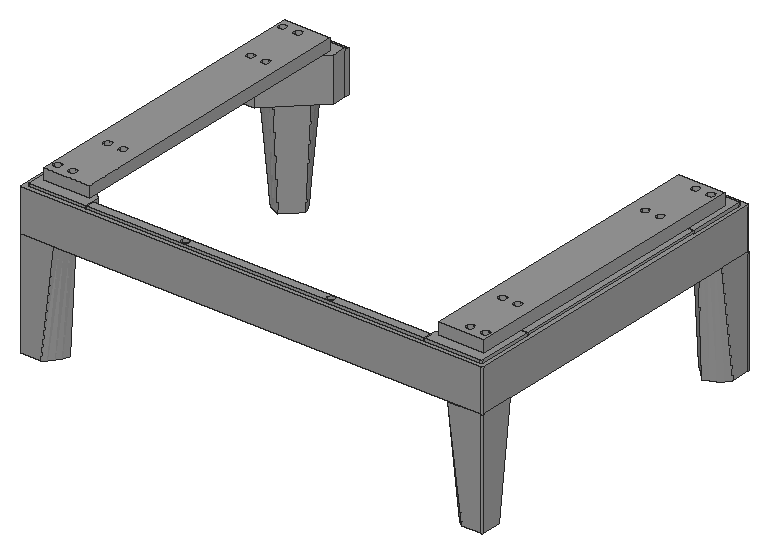
Revit family "Furniture-Vanity_Legs-KOHLER-SEER-K-32813_1", category Specialty Equipment, host Face, Revit 2017
Family settings
  Host = Face
  Round Connector Dimension = Use Diameter
  Part Type = Normal
  OmniClass Number = 23.31.25.00
  OmniClass Title = Toilet and Bath Specialties
  Cut with Voids When Loaded = No
  Shared = No
  Room Calculation Point = No
Parameters (values of type "1WD-Ramie Walnut")
  Width = 24 1/64"  # constant formula
  WaterSense Certified = 1 = 0  # no
  URL = "https://www.us.kohler.com/us/"
  Type = 1
  Product Page URL = ""
  Product Name = "SEER"  # constant formula
  Product Documentation Link = ""
  Model = "K-32813-SH1-1WD"  # constant formula
  Material = "Solid Wood"  # constant formula
  Master Format 2014 Name = "Toilet, Bath, and Laundry Accessories"  # constant formula
  Master Format 2014 = "10 28 00"  # constant formula
  Manufacturer Address = "444 Highland Dr, Kohler, WI 53044"  # constant formula
  Manufacturer = "KOHLER Co."  # constant formula
  Length = 17 5/16"  # constant formula
  Height = 8 139/256"  # constant formula
  Finish = Kohler-Wood-1WD-Ramie_Walnut
  Environmental Product Declaration = ""
  Description = "LEGS 24 INCHES"  # constant formula
  Default Elevation = 0"
  Declare Label = ""
  Date Modified = "02/15/2021"  # constant formula
  Date Created = "02/15/2021"  # constant formula
  Copyright = "Copyright KOHLER Co."  # constant formula
  Contact Us = "https://www.us.kohler.com/us/static/contact.jsp"
  Assembly Code = "C1030200"
  ADA Compliant = 1 = 0  # no
Reference planes (in)
  plane 1 "Center (Front/Back)": y = 0
  plane 2: z = 0
  plane 3 "Center (Left/Right)": x = 0
  plane 4: x = -8.75985
  plane 5: x = -12.00788
  plane 6: y = 8.64173
  plane 7: y = 5.3937
  plane 8: x = 12.00774
  plane 9: x = 8.75985
  plane 10: y = -7.79528
  plane 11: y = -5.3937
  plane 12: y = 7.79528
  plane 13: z = 8.54297
  plane 14: y = -8.67077
  plane 15: z = 0.118
  plane 16: x = 11.41698
  plane 17: x = -11.41698
  plane 18: z = 7.95265
Dimensions and locks (in)
  "Height": plane 13 to level
  "Width": plane 8 to plane 5
  "Length": plane 14 to plane 6
  plane 16 to plane 8 = 0.59077"
  plane 15 to level = 0.118"
  plane 18 to plane 15 = 7.83465"
  plane 9 to plane 4 = 17.5197"
  plane 4 to plane 5 = 3.24803"
  plane 9 to plane 8 = 3.24789"
  plane 6 to plane 12 = 0.84646"
  aligned and locked: plane 2 to host face
  aligned and locked: level to host face
Automatic sketch dimensions
  host sketch curve to host sketch curve = 96"  (x2)
Nested families (in)
  nested 1: "K-32813" at (0, 0, 0), type "K-32813"
Definition of nested family "K-32813"
  Parameters (values of type "K-32813")
    Material = none
  Reference planes (in)
    plane 1 "Center (Front/Back)": y = 0
    plane 2: z = 0
    plane 3 "Center (Left/Right)": x = 0
    plane 4: y = 8.64173
    plane 5: z = 8.54354
    plane 6: y = -8.64173
    plane 7: y = 7.79528
    plane 8: y = -7.79528
    plane 9: y = 5.3937
    plane 10: y = -5.3937
    plane 11: x = -12.00788
    plane 12: x = 12.00788
    plane 13: x = -8.75985
    plane 14: x = 8.75985
    plane 15: z = 7.95265
    plane 16: z = 0.118
  Forms (in)
    Blend 1, solid, material <- "Material", detail levels medium+fine
      base sketch origin (0, 0, 0) x (1, 0, 0) y (0, 1, 0)
        loop
          arc (-11.01711, -6.84352) -> (-11.57572, -7.11549) -> (-12.00788, -7.56185) r 1.79199
          line (-12.00788, -7.56185) -> (-12.00788, -8.56463)
          arc (-12.00788, -8.56463) -> (-11.9853, -8.61915) -> (-11.93078, -8.64173) r 0.0771
          line (-11.93078, -8.64173) -> (-10.93003, -8.64173)
          arc (-10.93003, -8.64173) -> (-10.48817, -8.20648) -> (-10.21076, -7.65174) r 1.89244
          line (-10.21076, -7.65174) -> (-11.01711, -6.84352)
      top sketch origin (0, 0, 0) x (1, 0, 0) y (0, 1, 0)
        loop
          arc (-10.22916, -8.64173) -> (-10.02324, -8.15922) -> (-9.88844, -7.65222) r 3.6593
          line (-9.88844, -7.65222) -> (-11.01671, -6.52395)
          arc (-11.01671, -6.52395) -> (-11.52464, -6.66289) -> (-12.00788, -6.87213) r 3.72185
          line (-12.00788, -6.87213) -> (-12.00788, -8.56463)
          arc (-12.00788, -8.56463) -> (-11.9853, -8.61915) -> (-11.93078, -8.64173) r 0.0771
          line (-11.93078, -8.64173) -> (-10.22916, -8.64173)
      from 0.118 to 5.6495
    Revolve 2, solid, material <- "Material", detail levels medium+fine
      sketch origin (0, -7.85782, 0) x (1, 0, 0) y (0, 0, 1)
        loop
          line (-11.22048, 0.00459) -> (-10.819, 0.00459)
          arc (-10.819, 0.00459) -> (-10.74774, 0.03991) -> (-10.7327, 0.118) r 0.08954
          line (-10.7327, 0.118) -> (-11.22048, 0.118) -> (-11.22048, 0.00459)
        axis (-11.22048, 0.118) -> (-11.22048, 0.00459)
      angle from 0 to 360
    Blend 3, solid, material <- "Material", detail levels medium+fine
      base sketch origin (0, 0, 0) x (-1, 0, 0) y (0, -1, 0)
        loop
          line (-11.01711, 6.84352) -> (-10.21076, 7.65174)
          arc (-10.21076, 7.65174) -> (-10.48817, 8.20648) -> (-10.93003, 8.64173) r 1.89244
          line (-10.93003, 8.64173) -> (-11.93078, 8.64173)
          arc (-11.93078, 8.64173) -> (-11.9853, 8.61915) -> (-12.00788, 8.56463) r 0.0771
          line (-12.00788, 8.56463) -> (-12.00788, 7.56185)
          arc (-12.00788, 7.56185) -> (-11.57572, 7.11549) -> (-11.01711, 6.84352) r 1.79199
      top sketch origin (0, 0, 0) x (-1, 0, 0) y (0, -1, 0)
        loop
          line (-10.22916, 8.64173) -> (-11.93078, 8.64173)
          arc (-11.93078, 8.64173) -> (-11.9853, 8.61915) -> (-12.00788, 8.56463) r 0.0771
          line (-12.00788, 8.56463) -> (-12.00788, 6.87213)
          arc (-12.00788, 6.87213) -> (-11.52464, 6.66289) -> (-11.01671, 6.52395) r 3.72185
          line (-11.01671, 6.52395) -> (-9.88844, 7.65222)
          arc (-9.88844, 7.65222) -> (-10.02324, 8.15922) -> (-10.22916, 8.64173) r 3.6593
      from 0.118 to 5.6495
    Revolve 4, solid, material <- "Material", detail levels medium+fine
      sketch origin (0, -7.85782, 0) x (-1, 0, 0) y (0, 0, -1)
        loop
          line (-11.22048, -0.00459) -> (-11.22048, -0.118) -> (-10.7327, -0.118)
          arc (-10.7327, -0.118) -> (-10.74774, -0.03991) -> (-10.819, -0.00459) r 0.08954
          line (-10.819, -0.00459) -> (-11.22048, -0.00459)
        axis (-11.22048, -0.118) -> (-11.22048, -0.00459)
      angle from 0 to 360
    Extrusion 5, solid, material <- "Material", detail levels medium+fine
      sketch origin (0, 0, 0) x (1, 0, 0) y (0, 1, 0)
        loop
          line (-11.92996, -8.64173) -> (11.92767, -8.64173)
          arc (11.92767, -8.64173) -> (11.98439, -8.61824) -> (12.00788, -8.56152) r 0.08022
          line (12.00788, -8.56152) -> (12.00788, 8.56446)
          arc (12.00788, 8.56446) -> (11.98525, 8.6191) -> (11.93061, 8.64173) r 0.07727
          line (11.93061, 8.64173) -> (8.75985, 8.64173) -> (8.75985, 8.38583) -> (11.67215, 8.38583)
          arc (11.67215, 8.38583) -> (11.7286, 8.36245) -> (11.75198, 8.306) r 0.07982
          line (11.75198, 8.306) -> (11.75198, -8.30772)
          arc (11.75198, -8.30772) -> (11.7291, -8.36295) -> (11.67387, -8.38583) r 0.07811
          line (11.67387, -8.38583) -> (-11.67208, -8.38583)
          arc (-11.67208, -8.38583) -> (-11.72857, -8.36242) -> (-11.75198, -8.30593) r 0.0799
          line (-11.75198, -8.30593) -> (-11.75198, 8.30806)
          arc (-11.75198, 8.30806) -> (-11.7292, 8.36305) -> (-11.67421, 8.38583) r 0.07777
          line (-11.67421, 8.38583) -> (-8.75985, 8.38583) -> (-8.75985, 8.64173) -> (-11.92972, 8.64173)
          arc (-11.92972, 8.64173) -> (-11.98499, 8.61884) -> (-12.00788, 8.56357) r 0.07816
          line (-12.00788, 8.56357) -> (-12.00788, -8.56381)
          arc (-12.00788, -8.56381) -> (-11.98506, -8.61891) -> (-11.92996, -8.64173) r 0.07792
      from 5.6495 to 7.83454
    Extrusion 6, solid, material <- "Material", detail levels medium+fine
      sketch origin (0, 0, 0) x (1, 0, 0) y (0, 1, 0)
        loop
          line (-8.75985, -7.64961) -> (-11.01576, -5.3937) -> (-11.75198, -5.3937) -> (-11.75198, -8.3089)
          arc (-11.75198, -8.3089) -> (-11.72945, -8.3633) -> (-11.67505, -8.38583) r 0.07693
          line (-11.67505, -8.38583) -> (-8.75985, -8.38583) -> (-8.75985, -7.64961)
      from 5.6495 to 7.95254
    Extrusion 7, solid, material <- "Material", detail levels medium+fine
      sketch origin (0, 0, 0) x (-1, 0, 0) y (0, -1, 0)
        loop
          line (-8.75985, 7.64961) -> (-8.75985, 8.38583) -> (-11.67505, 8.38583)
          arc (-11.67505, 8.38583) -> (-11.72945, 8.3633) -> (-11.75198, 8.3089) r 0.07693
          line (-11.75198, 8.3089) -> (-11.75198, 5.3937) -> (-11.01576, 5.3937) -> (-8.75985, 7.64961)
      from 5.6495 to 7.95254
    Extrusion 8, solid, material <- "Material", detail levels medium+fine
      sketch origin (0, 0, 0) x (1, 0, 0) y (0, 1, 0)
        loop
          line (8.75985, -7.93307) -> (-8.75985, -7.93307) -> (-8.75985, -8.38583) -> (8.75985, -8.38583) -> (8.75985, -7.93307)
      from 5.6495 to 7.95265
    Blend 9, solid, material <- "Material", detail levels medium+fine
      base sketch origin (0, 0, 0) x (1, 0, 0) y (0, 1, 0)
        loop
          line (-11.01711, 6.84352) -> (-10.21076, 7.65174)
          arc (-10.21076, 7.65174) -> (-10.48817, 8.20648) -> (-10.93003, 8.64173) r 1.89244
          line (-10.93003, 8.64173) -> (-11.93078, 8.64173)
          arc (-11.93078, 8.64173) -> (-11.9853, 8.61915) -> (-12.00788, 8.56463) r 0.0771
          line (-12.00788, 8.56463) -> (-12.00788, 7.56185)
          arc (-12.00788, 7.56185) -> (-11.57572, 7.11549) -> (-11.01711, 6.84352) r 1.79199
      top sketch origin (0, 0, 0) x (1, 0, 0) y (0, 1, 0)
        loop
          line (-10.22916, 8.64173) -> (-11.93078, 8.64173)
          arc (-11.93078, 8.64173) -> (-11.9853, 8.61915) -> (-12.00788, 8.56463) r 0.0771
          line (-12.00788, 8.56463) -> (-12.00788, 6.87213)
          arc (-12.00788, 6.87213) -> (-11.52464, 6.66289) -> (-11.01671, 6.52395) r 3.72185
          line (-11.01671, 6.52395) -> (-9.88844, 7.65222)
          arc (-9.88844, 7.65222) -> (-10.02324, 8.15922) -> (-10.22916, 8.64173) r 3.6593
      from 0.118 to 5.6495
    Revolve 10, solid, material <- "Material", detail levels medium+fine
      sketch origin (0, 7.85782, 0) x (1, 0, 0) y (0, 0, -1)
        loop
          line (-11.22048, 0.00028) -> (-11.22048, -0.118) -> (-10.7342, -0.118)
          arc (-10.7342, -0.118) -> (-10.74623, -0.03708) -> (-10.819, 0.00028) r 0.08954
          line (-10.819, 0.00028) -> (-11.22048, 0.00028)
        axis (-11.22048, -0.118) -> (-11.22048, 0.00028)
      angle from 0 to 360
    Extrusion 11, solid, material <- "Material", detail levels medium+fine
      sketch origin (0, 0, 0) x (1, 0, 0) y (0, 1, 0)
        loop
          line (-8.75985, 7.64961) -> (-8.75985, 8.38583) -> (-11.67505, 8.38583)
          arc (-11.67505, 8.38583) -> (-11.72945, 8.3633) -> (-11.75198, 8.3089) r 0.07693
          line (-11.75198, 8.3089) -> (-11.75198, 5.3937) -> (-11.01576, 5.3937) -> (-8.75985, 7.64961)
      from 5.6495 to 7.95254
    Extrusion 12, solid, material <- "Material", detail levels medium+fine
      sketch origin (0, 0, 0) x (1, 0, 0) y (0, 1, 0)
        loop
          line (-11.75198, -5.3937) -> (-11.41698, -5.3937) -> (-11.41698, 5.3937) -> (-11.75198, 5.3937) -> (-11.75198, -5.3937)
      from 7.83454 to 7.95254
    Extrusion 13, solid, material <- "Material", detail levels medium+fine
      sketch origin (0, 0, 0) x (1, 0, 0) y (0, 1, 0)
        loop
          line (-9.05477, -7.79527) -> (-9.05477, 7.79528) -> (-11.41698, 7.79528) -> (-11.41698, -7.79527) -> (-9.05477, -7.79527)
      from 7.95254 to 8.54354
    Blend 14, solid, material <- "Material", detail levels medium+fine
      base sketch origin (0, 0, 0) x (-1, 0, 0) y (0, -1, 0)
        loop
          arc (-11.01711, -6.84352) -> (-11.57572, -7.11549) -> (-12.00788, -7.56185) r 1.79199
          line (-12.00788, -7.56185) -> (-12.00788, -8.56463)
          arc (-12.00788, -8.56463) -> (-11.9853, -8.61915) -> (-11.93078, -8.64173) r 0.0771
          line (-11.93078, -8.64173) -> (-10.93003, -8.64173)
          arc (-10.93003, -8.64173) -> (-10.48817, -8.20648) -> (-10.21076, -7.65174) r 1.89244
          line (-10.21076, -7.65174) -> (-11.01711, -6.84352)
      top sketch origin (0, 0, 0) x (-1, 0, 0) y (0, -1, 0)
        loop
          arc (-10.22916, -8.64173) -> (-10.02324, -8.15922) -> (-9.88844, -7.65222) r 3.6593
          line (-9.88844, -7.65222) -> (-11.01671, -6.52395)
          arc (-11.01671, -6.52395) -> (-11.52464, -6.66289) -> (-12.00788, -6.87213) r 3.72185
          line (-12.00788, -6.87213) -> (-12.00788, -8.56463)
          arc (-12.00788, -8.56463) -> (-11.9853, -8.61915) -> (-11.93078, -8.64173) r 0.0771
          line (-11.93078, -8.64173) -> (-10.22916, -8.64173)
      from 0.118 to 5.6495
    Extrusion 15, solid, material <- "Material", detail levels medium+fine
      sketch origin (0, 0, 0) x (-1, 0, 0) y (0, -1, 0)
        loop
          line (-8.75985, -7.64961) -> (-11.01576, -5.3937) -> (-11.75198, -5.3937) -> (-11.75198, -8.3089)
          arc (-11.75198, -8.3089) -> (-11.72945, -8.3633) -> (-11.67505, -8.38583) r 0.07693
          line (-11.67505, -8.38583) -> (-8.75985, -8.38583) -> (-8.75985, -7.64961)
      from 5.6495 to 7.95254
    Extrusion 16, solid, material <- "Material", detail levels medium+fine
      sketch origin (0, 0, 0) x (-1, 0, 0) y (0, -1, 0)
        loop
          line (-9.05477, 7.79527) -> (-11.41698, 7.79527) -> (-11.41698, -7.79528) -> (-9.05477, -7.79528) -> (-9.05477, 7.79527)
      from 7.95254 to 8.54354
    Extrusion 17, solid, material <- "Material", detail levels medium+fine
      sketch origin (0, 0, 0) x (-1, 0, 0) y (0, -1, 0)
        loop
          line (-11.75198, 5.3937) -> (-11.75198, -5.3937) -> (-11.41698, -5.3937) -> (-11.41698, 5.3937) -> (-11.75198, 5.3937)
      from 7.83454 to 7.95254
    Extrusion 18, void
      sketch origin (0, 0, 0) x (1, 0, 0) y (0, 1, 0)
        loop
          circle (10.31384, 7.3038) r 0.19685
        loop
          circle (11.10124, 7.3038) r 0.19685
        loop
          circle (10.62758, 4.61757) r 0.19685
        loop
          circle (9.84018, 4.61757) r 0.19685
        loop
          circle (9.84018, -4.6344) r 0.19685
        loop
          circle (10.62758, -4.6344) r 0.19685
        loop
          circle (11.09966, -7.31167) r 0.19685
        loop
          circle (10.31226, -7.31167) r 0.19685
        loop
          circle (3.77814, -8.17396) r 0.19685
        loop
          circle (-3.76986, -8.17396) r 0.19685
        loop
          circle (-10.31384, 7.3038) r 0.19685
        loop
          circle (-11.10124, 7.3038) r 0.19685
        loop
          circle (-10.62758, 4.61757) r 0.19685
        loop
          circle (-9.84018, 4.61757) r 0.19685
        loop
          circle (-9.84018, -4.6344) r 0.19685
        loop
          circle (-10.62758, -4.6344) r 0.19685
        loop
          circle (-11.09966, -7.31167) r 0.19685
        loop
          circle (-10.31226, -7.31167) r 0.19685
      from 7.83454 to 8.61673
    Revolve 19, solid, material <- "Material", detail levels medium+fine
      sketch origin (0, 7.85782, 0) x (-1, 0, 0) y (0, 0, 1)
        loop
          line (-11.22048, -0.00028) -> (-10.819, -0.00028)
          arc (-10.819, -0.00028) -> (-10.74623, 0.03708) -> (-10.7342, 0.118) r 0.08954
          line (-10.7342, 0.118) -> (-11.22048, 0.118) -> (-11.22048, -0.00028)
        axis (-11.22048, 0.118) -> (-11.22048, -0.00028)
      angle from 0 to 360
    Extrusion 20, solid, material <- "Material", detail levels coarse
      sketch origin (0, 0, 0) x (1, 0, 0) y (0, 1, 0)
        loop
          line (12.00788, 8.70972) -> (8.78118, 8.70972) -> (8.78118, -7.30315) -> (-8.54166, -7.30315) -> (-8.54166, 8.70972) -> (-12.00788, 8.70972) -> (-12.00788, -8.70972) -> (12.00788, -8.70972) -> (12.00788, 8.70972)
      from 5.6495 to 7.95254
    Extrusion 21, solid, material <- "Material", detail levels coarse
      sketch origin (0, 0, 0) x (0, 1, 0) y (0, 0, 1)
        loop
          line (-6.74698, 0) -> (-6.35192, 5.6495) -> (-8.70972, 5.6495) -> (-8.70972, 0) -> (-6.74698, 0)
        loop
          line (6.74671, 0.00385) -> (8.70972, 0.00385) -> (8.70972, 5.6495) -> (6.35192, 5.6495) -> (6.74671, 0.00385)
      from 9.90172 to 12.00788
    Extrusion 22, solid, material <- "Material", detail levels coarse
      sketch origin (0, 0, 0) x (0, 1, 0) y (0, 0, 1)
        loop
          line (6.74671, 0.00385) -> (8.70972, 0.00385) -> (8.70972, 5.6495) -> (6.35192, 5.6495) -> (6.74671, 0.00385)
        loop
          line (-6.74698, 0) -> (-6.35192, 5.6495) -> (-8.70972, 5.6495) -> (-8.70972, 0) -> (-6.74698, 0)
      from -12.00788 to -10.00013
    Extrusion 23, solid, material <- "Material", detail levels coarse
      sketch origin (0, 0, 0) x (1, 0, 0) y (0, 1, 0)
        loop
          line (-9.00556, 7.84449) -> (-11.46619, 7.84449) -> (-11.46619, -7.84449) -> (-9.00556, -7.84449) -> (-9.00556, 7.84449)
        loop
          line (9.00556, 7.84449) -> (9.00556, -7.84449) -> (11.46619, -7.84449) -> (11.46619, 7.84449) -> (9.00556, 7.84449)
      from 7.83454 to 8.54354
  Cuts and joins
    Extrusion 18 cuts Blend 3
    Extrusion 18 cuts Extrusion 6
    Extrusion 18 cuts Extrusion 7
    Extrusion 18 cuts Extrusion 8
    Extrusion 18 cuts Blend 9
    Extrusion 18 cuts Extrusion 11
    Extrusion 18 cuts Extrusion 13
    Extrusion 18 cuts Extrusion 15
    Extrusion 18 cuts Extrusion 16
  Lines and regions (in)
    Masking region 1
      outline origin (0, 0, 0) x (0, 1, 0) y (0, 0, 1)
        loop
          line (8.64173, 0.118) -> (8.64173, 5.6495) -> (8.64173, 7.83454) -> (8.38583, 7.83454) -> (8.38583, 7.95254) -> (7.79528, 7.95254) -> (7.79528, 8.54354) -> (0, 8.54354) -> (-7.79528, 8.54354) -> (-7.79528, 7.95254) -> (-8.38583, 7.95254) -> (-8.38583, 7.83454) -> (-8.64173, 7.83454) -> (-8.64173, 5.6495) -> (-8.64173, 0.118) -> (-8.34583, 0.118)
          arc (-8.34583, 0.118) -> (-8.34104, 0.03845) -> (-8.27124, 0) r 0.08257
          line (-8.27124, 0) -> (-7.79528, 0) -> (-7.44849, 0)
          arc (-7.44849, 0) -> (-7.37869, 0.03845) -> (-7.37391, 0.118) r 0.08257
          line (-7.37391, 0.118) -> (-6.84352, 0.118) -> (-6.52395, 5.6495) -> (6.52395, 5.6495) -> (6.84352, 0.118) -> (7.37391, 0.118)
          arc (7.37391, 0.118) -> (7.37869, 0.03845) -> (7.44849, 0) r 0.08257
          line (7.44849, 0) -> (7.79528, 0) -> (8.27124, 0)
          arc (8.27124, 0) -> (8.34104, 0.03845) -> (8.34583, 0.118) r 0.08257
          line (8.34583, 0.118) -> (8.64173, 0.118)
    Masking region 2
      outline origin (0, 0, 0) x (1, 0, 0) y (0, 0, 1)
        loop
          arc (-10.8064, 0) -> (-10.73684, 0.03857) -> (-10.7327, 0.118) r 0.08202
          line (-10.7327, 0.118) -> (-10.21076, 0.118) -> (-9.88844, 5.6495) -> (9.88844, 5.6495) -> (10.21076, 0.118) -> (10.7327, 0.118)
          arc (10.7327, 0.118) -> (10.73684, 0.03857) -> (10.8064, 0) r 0.08202
          line (10.8064, 0) -> (11.63894, 0)
          arc (11.63894, 0) -> (11.70737, 0.03916) -> (11.70826, 0.118) r 0.07936
          line (11.70826, 0.118) -> (12.00788, 0.118) -> (12.00788, 7.83454) -> (11.75198, 7.83454) -> (11.75198, 7.95254) -> (11.41698, 7.95254) -> (11.41698, 8.54354) -> (9.05477, 8.54354) -> (9.05477, 7.95265) -> (-9.05477, 7.95265) -> (-9.05477, 8.54354) -> (-11.41698, 8.54354) -> (-11.41698, 7.95254) -> (-11.75198, 7.95254) -> (-11.75198, 7.83454) -> (-12.00788, 7.83454) -> (-12.00788, 0.118) -> (-11.70826, 0.118)
          arc (-11.70826, 0.118) -> (-11.70737, 0.03916) -> (-11.63894, 0) r 0.07936
          line (-11.63894, 0) -> (-10.8064, 0)
    Masking region 3
      outline origin (0, 0, 0) x (1, 0, 0) y (0, 1, 0)
        loop
          line (-11.92996, -8.64173) -> (11.92996, -8.64173)
          arc (11.92996, -8.64173) -> (11.98506, -8.61891) -> (12.00788, -8.56381) r 0.07792
          line (12.00788, -8.56381) -> (12.00788, 8.56357)
          arc (12.00788, 8.56357) -> (11.98499, 8.61884) -> (11.92972, 8.64173) r 0.07816
          line (11.92972, 8.64173) -> (8.75985, 8.64173) -> (8.75985, 8.38583) -> (8.75985, 7.64961) -> (9.05477, 7.35468) -> (9.05477, -7.35468) -> (8.75985, -7.64961) -> (8.75985, -7.93307) -> (-8.75985, -7.93307) -> (-8.75985, -7.64961) -> (-9.05477, -7.35468) -> (-9.05477, 7.35468) -> (-8.75985, 7.64961) -> (-8.75985, 8.38583) -> (-8.75985, 8.64173) -> (-11.92972, 8.64173)
          arc (-11.92972, 8.64173) -> (-11.98499, 8.61884) -> (-12.00788, 8.56357) r 0.07816
          line (-12.00788, 8.56357) -> (-12.00788, -8.56381)
          arc (-12.00788, -8.56381) -> (-11.98506, -8.61891) -> (-11.92996, -8.64173) r 0.07792
    symbolic lines, detail levels medium+fine
      curve 1: line (-8.75985, 8.38583, 0) -> (-11.67505, 8.38583, 0)
      curve 2: arc (-11.67505, 8.38583, 0) -> (-11.72945, 8.3633, 0) -> (-11.75198, 8.3089, 0) r 0.07693
      curve 3: line (-11.75198, 8.3089, 0) -> (-11.75198, 5.3937, 0)
      curve 4: line (-9.05477, 7.79528, 0) -> (-11.41698, 7.79528, 0)
      curve 5: line (-9.05477, 7.79528, 0) -> (-9.05477, 7.35468, 0)
      curve 6: line (-11.41698, 7.79528, 0) -> (-11.41698, -7.79527, 0)
      curve 7: arc (-10.51069, 7.3038, 0) -> (-10.31384, 7.10695, 0) -> (-10.11699, 7.3038, 0) r 0.19685
      curve 8: arc (-10.11699, 7.3038, 0) -> (-10.31384, 7.50065, 0) -> (-10.51069, 7.3038, 0) r 0.19685
      curve 9: arc (-10.90439, 7.3038, 0) -> (-11.10124, 7.50065, 0) -> (-11.29809, 7.3038, 0) r 0.19685
      curve 10: arc (-11.29809, 7.3038, 0) -> (-11.10124, 7.10695, 0) -> (-10.90439, 7.3038, 0) r 0.19685
      curve 11: arc (-10.82443, 4.61757, 0) -> (-10.62758, 4.42072, 0) -> (-10.43073, 4.61757, 0) r 0.19685
      curve 12: arc (-10.43073, 4.61757, 0) -> (-10.62758, 4.81442, 0) -> (-10.82443, 4.61757, 0) r 0.19685
      curve 13: arc (-9.64333, 4.61757, 0) -> (-9.84018, 4.81442, 0) -> (-10.03703, 4.61757, 0) r 0.19685
      curve 14: line (-12.00788, 5.3937, 0) -> (-11.41698, 5.3937, 0)
      curve 15: arc (-10.03703, 4.61757, 0) -> (-9.84018, 4.42072, 0) -> (-9.64333, 4.61757, 0) r 0.19685
      curve 16: line (-11.75198, 5.3937, 0) -> (-11.75198, -5.3937, 0)
      curve 17: line (-11.75198, -5.3937, 0) -> (-11.75198, -8.3089, 0)
      curve 18: arc (-11.75198, -8.3089, 0) -> (-11.72945, -8.3633, 0) -> (-11.67505, -8.38583, 0) r 0.07693
      curve 19: line (-11.67505, -8.38583, 0) -> (-8.75985, -8.38583, 0)
      curve 20: line (-11.41698, -7.79527, 0) -> (-9.05477, -7.79527, 0)
      curve 21: line (-9.05477, -7.79527, 0) -> (-9.05477, -7.35468, 0)
      curve 22: line (-11.41698, -5.3937, 0) -> (-12.00788, -5.3937, 0)
      curve 23: arc (-10.11541, -7.31167, 0) -> (-10.31226, -7.11482, 0) -> (-10.50911, -7.31167, 0) r 0.19685
      curve 24: arc (-10.50911, -7.31167, 0) -> (-10.31226, -7.50852, 0) -> (-10.11541, -7.31167, 0) r 0.19685
      curve 25: arc (-10.90281, -7.31167, 0) -> (-11.09966, -7.11482, 0) -> (-11.29651, -7.31167, 0) r 0.19685
      curve 26: arc (-11.29651, -7.31167, 0) -> (-11.09966, -7.50852, 0) -> (-10.90281, -7.31167, 0) r 0.19685
      curve 27: arc (-10.82443, -4.6344, 0) -> (-10.62758, -4.83125, 0) -> (-10.43073, -4.6344, 0) r 0.19685
      curve 28: arc (-10.43073, -4.6344, 0) -> (-10.62758, -4.43755, 0) -> (-10.82443, -4.6344, 0) r 0.19685
      curve 29: arc (-10.03703, -4.6344, 0) -> (-9.84018, -4.83125, 0) -> (-9.64333, -4.6344, 0) r 0.19685
      curve 30: arc (-9.64333, -4.6344, 0) -> (-9.84018, -4.43755, 0) -> (-10.03703, -4.6344, 0) r 0.19685
      curve 31: line (-8.75985, -8.38583, 0) -> (-8.75985, -7.64961, 0)
      curve 32: line (-8.75985, -8.38583, 0) -> (8.75985, -8.38583, 0)
      curve 33: arc (-3.96671, -8.17396, 0) -> (-3.76986, -8.37081, 0) -> (-3.57301, -8.17396, 0) r 0.19685
      curve 34: arc (-3.57301, -8.17396, 0) -> (-3.76986, -7.97711, 0) -> (-3.96671, -8.17396, 0) r 0.19685
      curve 35: arc (3.97499, -8.17396, 0) -> (3.77814, -7.97711, 0) -> (3.58129, -8.17396, 0) r 0.19685
      curve 36: arc (3.58129, -8.17396, 0) -> (3.77814, -8.37081, 0) -> (3.97499, -8.17396, 0) r 0.19685
      curve 37: line (8.75985, 8.38583, 0) -> (11.67505, 8.38583, 0)
      curve 38: arc (11.67505, 8.38583, 0) -> (11.72945, 8.3633, 0) -> (11.75198, 8.3089, 0) r 0.07693
      curve 39: line (11.75198, 8.3089, 0) -> (11.75198, 5.3937, 0)
      curve 40: line (9.05477, 7.79528, 0) -> (11.41698, 7.79528, 0)
      curve 41: line (9.05477, 7.79528, 0) -> (9.05477, 7.35468, 0)
      curve 42: line (11.41698, 7.79528, 0) -> (11.41698, -7.79527, 0)
      curve 43: arc (10.51069, 7.3038, 0) -> (10.31384, 7.10695, 0) -> (10.11699, 7.3038, 0) r 0.19685
      curve 44: arc (10.11699, 7.3038, 0) -> (10.31384, 7.50065, 0) -> (10.51069, 7.3038, 0) r 0.19685
      curve 45: arc (10.90439, 7.3038, 0) -> (11.10124, 7.50065, 0) -> (11.29809, 7.3038, 0) r 0.19685
      curve 46: arc (11.29809, 7.3038, 0) -> (11.10124, 7.10695, 0) -> (10.90439, 7.3038, 0) r 0.19685
      curve 47: arc (10.82443, 4.61757, 0) -> (10.62758, 4.42072, 0) -> (10.43073, 4.61757, 0) r 0.19685
      curve 48: arc (10.43073, 4.61757, 0) -> (10.62758, 4.81442, 0) -> (10.82443, 4.61757, 0) r 0.19685
      curve 49: arc (9.64333, 4.61757, 0) -> (9.84018, 4.81442, 0) -> (10.03703, 4.61757, 0) r 0.19685
      curve 50: line (12.00788, 5.3937, 0) -> (11.41698, 5.3937, 0)
      curve 51: arc (10.03703, 4.61757, 0) -> (9.84018, 4.42072, 0) -> (9.64333, 4.61757, 0) r 0.19685
      curve 52: line (11.75198, 5.3937, 0) -> (11.75198, -5.3937, 0)
      curve 53: line (11.75198, -5.3937, 0) -> (11.75198, -8.3089, 0)
      curve 54: arc (11.75198, -8.3089, 0) -> (11.72945, -8.3633, 0) -> (11.67505, -8.38583, 0) r 0.07693
      curve 55: line (11.67505, -8.38583, 0) -> (8.75985, -8.38583, 0)
      curve 56: line (11.41698, -7.79527, 0) -> (9.05477, -7.79527, 0)
      curve 57: line (9.05477, -7.79527, 0) -> (9.05477, -7.35468, 0)
      curve 58: line (11.41698, -5.3937, 0) -> (12.00788, -5.3937, 0)
      curve 59: arc (10.11541, -7.31167, 0) -> (10.31226, -7.11482, 0) -> (10.50911, -7.31167, 0) r 0.19685
      curve 60: arc (10.50911, -7.31167, 0) -> (10.31226, -7.50852, 0) -> (10.11541, -7.31167, 0) r 0.19685
      curve 61: arc (10.90281, -7.31167, 0) -> (11.09966, -7.11482, 0) -> (11.29651, -7.31167, 0) r 0.19685
      curve 62: arc (11.29651, -7.31167, 0) -> (11.09966, -7.50852, 0) -> (10.90281, -7.31167, 0) r 0.19685
      curve 63: arc (10.82443, -4.6344, 0) -> (10.62758, -4.83125, 0) -> (10.43073, -4.6344, 0) r 0.19685
      curve 64: arc (10.43073, -4.6344, 0) -> (10.62758, -4.43755, 0) -> (10.82443, -4.6344, 0) r 0.19685
      curve 65: arc (10.03703, -4.6344, 0) -> (9.84018, -4.83125, 0) -> (9.64333, -4.6344, 0) r 0.19685
      curve 66: arc (9.64333, -4.6344, 0) -> (9.84018, -4.43755, 0) -> (10.03703, -4.6344, 0) r 0.19685
      curve 67: line (-12.00788, 0, 0.118) -> (-10.21076, 0, 0.118)
      curve 68: line (12.00788, 0, 7.83454) -> (-12.00788, 0, 7.83454)
      curve 69: line (-8.75985, 0, 7.95254) -> (-11.75198, 0, 7.95254)
      curve 70: line (-8.75985, 0, 7.95254) -> (-8.75985, 0, 5.6495)
      curve 71: line (12.00788, 0, 0.118) -> (10.21076, 0, 0.118)
      curve 72: line (8.75985, 0, 7.95254) -> (11.75198, 0, 7.95254)
      curve 73: line (8.75985, 0, 7.95254) -> (8.75985, 0, 5.6495)
      curve 74: line (-10.93003, 0, 0.118) -> (-10.23683, 0, 5.58894)
      curve 75: line (-9.65096, 0, 6.10526) -> (0, 0, 6.10526)
      curve 76: line (10.93003, 0, 0.118) -> (10.23683, 0, 5.58894)
      curve 77: line (9.65096, 0, 6.10526) -> (0, 0, 6.10526)
      curve 78: arc (-9.65096, 0, 6.10526) -> (-10.04142, 0, 5.95776) -> (-10.23683, 0, 5.58894) r 0.59055
      curve 79: arc (9.65096, 0, 6.10526) -> (10.04142, 0, 5.95776) -> (10.23683, 0, 5.58894) r 0.59055
      curve 80: line (0, 6.84352, 0.118) -> (0, 8.64173, 0.118)
      curve 81: line (0, 5.3937, 7.95254) -> (0, 5.3937, 5.6495)
      curve 82: line (0, 8.64173, 7.83454) -> (0, -8.64173, 7.83454)
      curve 83: line (0, 8.38583, 7.95254) -> (0, 5.3937, 7.95254)
      curve 84: line (0, 7.56185, 0.118) -> (0, 6.86361, 5.71789)
      curve 85: line (0, 5.3937, 7.95254) -> (0, -5.3937, 7.95254)
      curve 86: line (0, -5.3937, 7.95254) -> (0, -8.38583, 7.95254)
      curve 87: line (0, 0, 6.06288) -> (0, 6.47293, 6.06288)
      curve 88: arc (0, 6.47293, 6.06288) -> (0, 6.73353, 5.96429) -> (0, 6.86361, 5.71789) r 0.3937
      curve 89: line (0, -6.84352, 0.118) -> (0, -8.64173, 0.118)
      curve 90: line (0, -7.56185, 0.118) -> (0, -6.86361, 5.71789)
      curve 91: line (0, 0, 6.06288) -> (0, -6.47293, 6.06288)
      curve 92: arc (0, -6.47293, 6.06288) -> (0, -6.73353, 5.96429) -> (0, -6.86361, 5.71789) r 0.3937
  Dimensions and locks (in)
    level to plane 5 = 8.54354"
    plane 4 to plane 6 = 17.28346"  (x2)
    plane 11 to plane 12 = 24.01576"
    plane 13 to plane 14 = 17.5197"
    plane 15 to plane 16 = 7.83465"
    aligned and locked: level to plane 2
